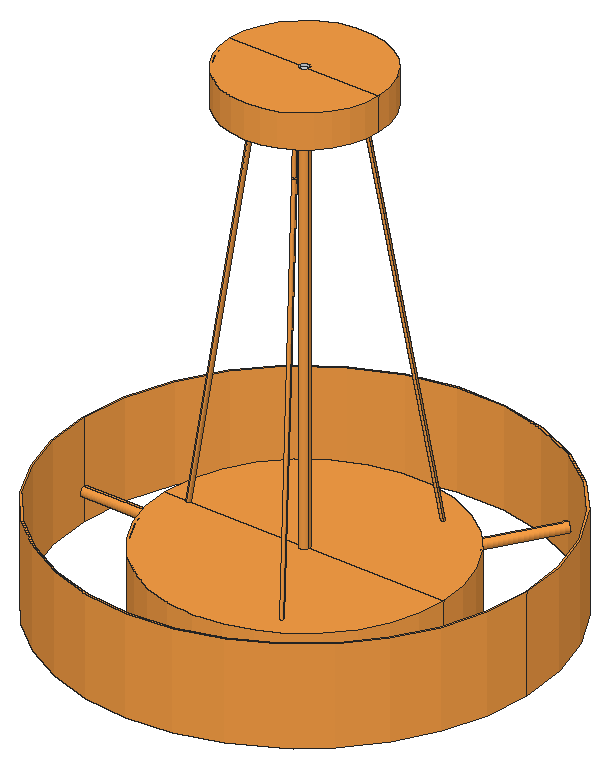
Revit family "SA24 FIXTURE", category Lighting Fixtures, Revit 2024
Family settings
  Round Connector Dimension = Use Diameter
  Part Type = Normal
  OmniClass Number = 23.80.70.00
  OmniClass Title = Lighting
  Work Plane-Based = No
  Always vertical = Yes
  Cut with Voids When Loaded = No
  Light Source = No
  Maintain Annotation Orientation = No
  Shared = No
  Room Calculation Point = No
Parameters
  Default Elevation = 0' - 0"
Reference planes (in)
  plane 1 "Light Source Axis (F/B)": y = 0
  plane 2: z = 0
  plane 3 "Light Source Axis (L/R)": x = 0
  plane 4 "Light Source Elevation": z = 54
Forms (in)
  Revolve 1, solid
    sketch origin (0, 0, 0) x (1, 0, 0) y (0, 0, 1)
      loop
        line (-0.25, 80.125) -> (-4, 80.125) -> (-4, 78.375) -> (-0.28125, 78.375) -> (-0.28125, 78.31696) -> (-0.24793, 78.31696) -> (-0.24793, 57) -> (-7.5, 57) -> (-7.5, 52) -> (-5.125, 52) -> (-5.125, 50.125) -> (-4.375, 50.125) -> (-4.375, 50.21875) -> (-5.03125, 50.21875) -> (-5.03125, 52.09375) -> (-7.40625, 52.09375) -> (-7.40625, 56.90625) -> (0, 56.90625) -> (0, 78.46875) -> (-3.90625, 78.46875) -> (-3.90625, 80.03125) -> (-0.25, 80.03125) -> (-0.25, 80.125)
      axis (0, 80.125) -> (0, 50.125)
    angle from 0 to 360
  Revolve 2, solid
    sketch origin (0, 0, 0) x (1, 0, 0) y (0, 0, 1)
      loop
        line (-12, 59) -> (-12, 54) -> (-11.90625, 54) -> (-11.90625, 59) -> (-12, 59)
      loop
        line (-5.03125, 50.21875) -> (0, 50.21875) -> (0, 50.34375) -> (-5.03125, 50.34375) -> (-5.03125, 50.21875)
      axis (0, 59) -> (0, 50.21875)
    angle from 0 to 360
  Sweep 3, solid
    path origin (0, 0, 0) x (1, 0, 0) y (0, 0, 1)
      loop
        line (-2.84379, 78.375) -> (-2.93019, 76.4225)
        arc (-2.93019, 76.4225) -> (-2.93268, 76.3901) -> (-2.93726, 76.35794) r 0.5
        line (-2.93726, 76.35794) -> (-6.3437, 57)
    profile origin (-2.88699, 0, 77.39875) x (0.999023, 0, -0.044204) y (0, -1, 0)
      loop
        circle (0.08789, 0) r 0.09375
  Sweep 4, solid
    path origin (0, 0, 0) x (-0.5, -0.866025, 0) y (0, 0, 1)
      loop
        line (-2.84379, 78.375) -> (-2.93019, 76.4225)
        arc (-2.93019, 76.4225) -> (-2.93268, 76.3901) -> (-2.93726, 76.35794) r 0.5
        line (-2.93726, 76.35794) -> (-6.3437, 57)
    profile origin (1.44349, 2.50021, 77.39875) x (-0.499511, -0.865179, -0.044204) y (-0.866025, 0.5, 0)
      loop
        circle (0.08789, 0) r 0.09375
  Sweep 5, solid
    path origin (0, 0, 0) x (-0.5, 0.866025, 0) y (0, 0, 1)
      loop
        line (-2.84379, 78.375) -> (-2.93019, 76.4225)
        arc (-2.93019, 76.4225) -> (-2.93268, 76.3901) -> (-2.93726, 76.35794) r 0.5
        line (-2.93726, 76.35794) -> (-6.3437, 57)
    profile origin (1.44349, -2.50021, 77.39875) x (-0.499511, 0.865179, -0.044204) y (0.866025, 0.5, 0)
      loop
        circle (0.08789, 0) r 0.09375
  Revolve 6, solid
    sketch origin (0, 0, 0) x (1, 0, 0) y (0, 0, 1)
      loop
        line (-7.5, 55.5) -> (-11.92945, 55.5) -> (-11.92945, 55.25) -> (-7.5, 55.25) -> (-7.5, 55.5)
      axis (-7.5, 55.5) -> (-11.92945, 55.5)
    angle from 0 to 360
  Revolve 7, solid
    sketch origin (0, 0, 0) x (-0.5, -0.866025, 0) y (0, 0, 1)
      loop
        line (-7.5, 55.5) -> (-11.92945, 55.5) -> (-11.92945, 55.25) -> (-7.5, 55.25) -> (-7.5, 55.5)
      axis (-7.5, 55.5) -> (-11.92945, 55.5)
    angle from 0 to 360
  Revolve 8, solid
    sketch origin (0, 0, 0) x (-0.5, 0.866025, 0) y (0, 0, 1)
      loop
        line (-7.5, 55.5) -> (-11.92945, 55.5) -> (-11.92945, 55.25) -> (-7.5, 55.25) -> (-7.5, 55.5)
      axis (-7.5, 55.5) -> (-11.92945, 55.5)
    angle from 0 to 360
Dimensions and locks (in)
  aligned and locked: level to plane 2
